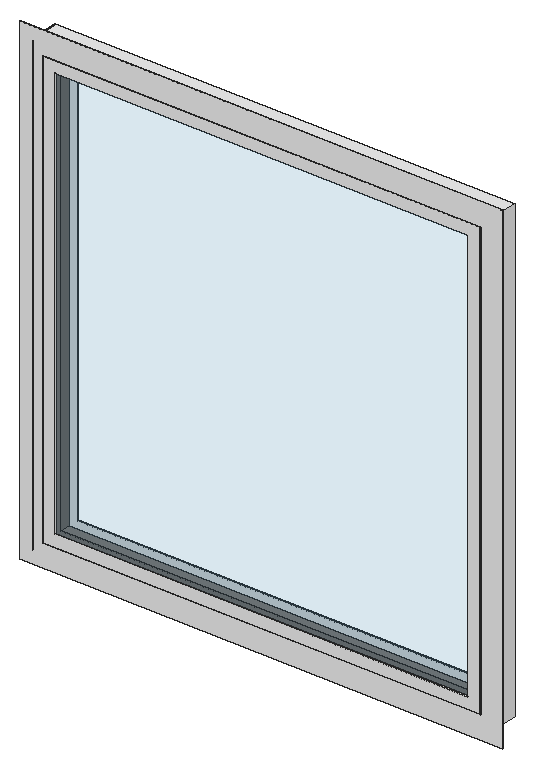
Revit family "Casement_36_G_Top_Hung_Custom", category Windows, host Wall, Revit 2014
Parameters (values of type "Casement_Sash_DG")
  Width Sash [instance] = 30 mm
  Width Sash Inner = 15 mm
  Width Bead = 15 mm
  Top Hung [instance] = yes
  Side Hung Right [instance] = yes
  Side Hung Left [instance] = yes
  Sash Opening Width [instance] = 600 mm
  Sash Opening Height [instance] = 600.312 mm
  Sash Lip = 15 mm
  Glazing Material [instance] = Glass
  DG Start Piece 2 [instance] = DG End Piece 1 + DG Gasket Thickness  # 25 mm
  DG Start Peice 1 [instance] = (Depth Sash - (2 * DG Glazing Thickness) - DG Gasket Thickness) / 2  # 6.6 mm
  Glazing Offset = 5 mm
  DG Glazing Thickness [instance] = 6.4 mm
  DG Gasket Thickness = 12 mm  # constant formula
  DG Gasket Material [instance] = Double Glazing Gasket Material
  DG End Piece 2 [instance] = DG Start Piece 2 + DG Glazing Thickness  # 31.4 mm
  DG End Piece 1 [instance] = DG Start Peice 1 + DG Glazing Thickness  # 13 mm
  Depth Sash [instance] = 38 mm
  Center Vertical Sash [instance] = Sash Opening Height / 2  # 300.156 mm
  Center Horizontal Sash [instance] = Sash Opening Width / 2  # 300 mm
  Bottom Hung [instance] = yes
  Bead Offset = 15 mm
  Aluminium Thickness = 1 mm
  Aluminium Material [instance] = White Powder Coated Aluminium
Reference planes
  plane 1 "Center (Front/Back)": y = 0
  plane 2: z = 0
  plane 3 "Center (Left/Right)": x = 0
Forms (mm)
  Sweep 1, solid, material "White Powder Coated Aluminium" <- "Aluminium Material"
    path origin (16.177, 0, 121.331) x (1, 0, 0) y (0, 0, 1)
      loop
        line (0, 0) -> (600, 0) -> (600, 600.312) -> (0, 600.312) -> (0, 0)
    profile origin (316.177, 0, 121.331) x (0, 0, 1) y (0, -1, 0)
      loop
        line (0, 0) -> (30, 0) -> (30, 1) -> (15, 1) -> (15, 38) -> (-15, 38) -> (-15, 37) -> (0, 37) -> (0, 0)
      loop
        line (14, 1) -> (14, 37) -> (1, 37) -> (1, 1) -> (14, 1)
  Sweep 2, solid, material "White Powder Coated Aluminium" <- "Aluminium Material"
    path origin (0, 0, 0) x (1, 0, 0) y (0, 0, 1)
      loop
        line (31.177, 706.643) -> (31.177, 136.331) -> (601.177, 136.331) -> (601.177, 706.643) -> (31.177, 706.643)
    profile origin (316.177, 0, 706.643) x (0, 0, 1) y (0, -1, 0)
      loop
        line (0, 37) -> (0, 38) -> (-15, 38) -> (-15, 37) -> (0, 37)
  Extrusion 3, solid, material "Glass" <- "Glazing Material"
    sketch origin (0, 0, 0) x (1, 0, 0) y (0, 0, 1)
      loop
        line (36.177, 701.643) -> (36.177, 141.331) -> (596.177, 141.331) -> (596.177, 701.643) -> (36.177, 701.643)
    from 6.6 <- "DG Start Peice 1" to 13 <- "DG End Piece 1"
  Extrusion 4, solid, material "Glass" <- "Glazing Material"
    sketch origin (0, 0, 0) x (1, 0, 0) y (0, 0, 1)
      loop
        line (36.177, 701.643) -> (36.177, 141.331) -> (596.177, 141.331) -> (596.177, 701.643) -> (36.177, 701.643)
    from 31.4 <- "DG End Piece 2" to 25 <- "DG Start Piece 2"
  Sweep 5, solid, material "Double Glazing Gasket Material" <- "DG Gasket Material"
    path origin (0, -13, 0) x (1, 0, 0) y (0, 0, 1)
      loop
        line (36.177, 701.643) -> (36.177, 141.331) -> (596.177, 141.331) -> (596.177, 701.643) -> (36.177, 701.643)
    profile origin (316.177, -13, 701.643) x (0, 0, 1) y (0, -1, 0)
      loop
        line (0, 0) -> (0, 12) -> (-7.96, 12) -> (-7.96, 0) -> (0, 0)
Lines and regions (mm)
  model lines
    curve 1: line (1.177, -38, 736.643) -> (31.177, -38, 706.643)
    curve 2: line (601.177, -38, 706.643) -> (631.177, -38, 736.643)
    curve 3: line (601.177, -38, 136.331) -> (631.177, -38, 106.331)
    curve 4: line (1.177, -38, 106.331) -> (31.177, -38, 136.331)
    curve 5: line (631.177, -37, 736.643) -> (616.177, -37, 721.643)
    curve 6: line (1.177, -37, 736.643) -> (16.177, -37, 721.643)
    curve 7: line (1.177, -37, 106.331) -> (16.177, -37, 121.331)
    curve 8: line (631.177, -37, 106.331) -> (616.177, -37, 121.331)
    curve 9: line (616.177, 0, 121.331) -> (586.177, 0, 151.331)
    curve 10: line (46.177, 0, 151.331) -> (16.177, 0, 121.331)
    curve 11: line (616.177, 0, 721.643) -> (586.177, 0, 691.643)
    curve 12: line (46.177, 0, 691.643) -> (16.177, 0, 721.643)
    curve 13: line (31.177, -38, 691.643) -> (46.177, -38, 691.643)
    curve 14: line (586.177, -38, 691.643) -> (601.177, -38, 691.643)
    curve 15: line (586.177, -38, 151.331) -> (601.177, -38, 151.331)
    curve 16: line (31.177, -38, 151.331) -> (46.177, -38, 151.331)
  model lines, style "GenericModelHiddenLines", visible <- "Top Hung"
    curve 17: line (46.386, -31.4, 690.914) -> (316.177, -31.4, 151.331)
    curve 18: line (316.177, -31.4, 151.331) -> (586.177, -31.4, 691.331)
  model lines, style "GenericModelHiddenLines", visible <- "Bottom Hung"
    curve 19: line (46.177, -31.4, 151.331) -> (316.177, -31.4, 691.331)
    curve 20: line (316.177, -31.4, 691.331) -> (586.177, -31.4, 151.331)
  model lines, style "GenericModelHiddenLines", visible <- "Side Hung Left"
    curve 21: line (46.386, -31.4, 690.914) -> (585.24, -31.4, 421.487)
    curve 22: line (585.24, -31.4, 421.487) -> (46.177, -31.4, 151.331)
  model lines, style "GenericModelHiddenLines", visible <- "Side Hung Right"
    curve 23: line (586.177, -31.4, 691.331) -> (46.177, -31.4, 421.487)
    curve 24: line (46.177, -31.4, 421.487) -> (586.177, -31.4, 151.331)
Dimensions and locks
  "Aluminium Thickness": Sweep 1 sketch curve to Sweep 1 sketch curve  (x4)
  "Depth Sash": Sweep 1 sketch curve to Sweep 1 sketch curve
  "Sash Opening Width": Sweep 1 to Sweep 1
  "Sash Opening Height": Sweep 1 to Sweep 1
  "Width Sash": Sweep 1 sketch curve to Sweep 1 sketch curve  (x2)
  "Width Sash Inner": Sweep 1 sketch curve to Sweep 1 sketch curve
  "Sash Lip": Sweep 1 sketch curve to Sweep 1 sketch curve
  "Aluminium Thickness": Sweep 1 to Sweep 2 sketch curve
  "Glazing Offset": Sweep 2 to Extrusion 3 sketch curve  (x3)
  "Glazing Offset": Extrusion 3 sketch curve to Sweep 2
  Sweep 1 to Sweep 1 = 1 mm
  "Aluminium Thickness": Sweep 2 sketch curve to Sweep 2 sketch curve
  "Width Bead": Sweep 2 sketch curve to Sweep 2 sketch curve
  locked: Sweep 5 sketch curve to Sweep 5 sketch curve at 7.96
  "Center Horizontal Sash": Sweep 1 to curve 18
  "Center Horizontal Sash": Sweep 1 to curve 20
  "Center Vertical Sash": Sweep 1 to curve 22
  "Center Vertical Sash": Sweep 1 to curve 24
  aligned and locked: level to plane 2
  aligned and locked: Sweep 1 sketch curve to Sweep 1 sketch curve  (x2)
  aligned and locked: Sweep 2 sketch curve to Sweep 1  (x5)
  aligned and locked: Extrusion 4 sketch curve to Extrusion 3  (x4)
  aligned and locked: Sweep 5 sketch curve to Extrusion 3  (x5)
  aligned and locked: Extrusion 3 to Sweep 5 sketch curve
Automatic sketch dimensions
  plane 3 "Center (Left/Right)" to Sweep 1 sketch curve = 16.177 mm
  level to Sweep 1 sketch curve = 121.331 mm
  plane 3 "Center (Left/Right)" to Sweep 1 sketch curve = 616.177 mm
  level to Sweep 1 sketch curve = 721.643 mm
  profile plane to Sweep 5 sketch curve = 12 mm
  curve 7 to Sweep 1 = 0 mm  (x4)
  curve 6 to Sweep 1 = 0 mm  (x3)
  Sweep 1 to curve 6 = 0 mm
  curve 5 to Sweep 1 = 0 mm  (x3)
  curve 8 to Sweep 1 = 0 mm  (x4)
  Sweep 1 to curve 5 = 0 mm
  curve 16 to Sweep 2 = 0 mm  (x3)
  curve 13 to Sweep 2 = 0 mm  (x3)
  curve 15 to Sweep 2 = 0 mm
  Sweep 2 to curve 15 = 0 mm  (x2)
  curve 14 to Sweep 2 = 0 mm  (x2)
  Sweep 2 to curve 14 = 0 mm
  curve 1 to Sweep 1 = 0 mm  (x4)
  curve 4 to Sweep 1 = 0 mm  (x3)
  Sweep 1 to curve 4 = 0 mm
  curve 3 to Sweep 1 = 0 mm  (x3)
  curve 2 to Sweep 1 = 0 mm  (x4)
  Sweep 1 to curve 3 = 0 mm
  curve 10 to Sweep 1 = 0 mm  (x4)
  curve 12 to Sweep 1 = 0 mm  (x3)
  Sweep 1 to curve 12 = 0 mm
  curve 9 to Sweep 1 = 0 mm  (x4)
  curve 11 to Sweep 1 = 0 mm  (x3)
  Sweep 1 to curve 11 = 0 mm
  Sweep 1 sketch curve to plane 1 "Center (Front/Back)" = 0 mm
  profile plane to Sweep 1 sketch curve = 0 mm
  curve 21 to Extrusion 4 = 10.208 mm
  curve 19 to Extrusion 4 = 10 mm
  curve 23 to Extrusion 4 = 10 mm  (x2)
  curve 22 to Extrusion 4 = 10.937 mm
  curve 20 to Extrusion 4 = 10 mm
  curve 24 to Extrusion 4 = 10 mm
  curve 22 to Extrusion 4 = 10 mm
  curve 18 to Extrusion 4 = 10 mm
  curve 21 to Extrusion 4 = 10.729 mm
  curve 19 to Extrusion 4 = 10.312 mm
  curve 18 to Extrusion 4 = 10.312 mm
